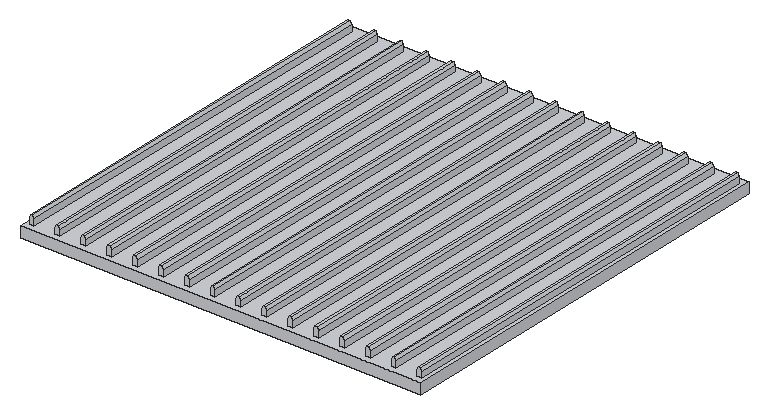
Revit family "STC_A3-Water-Tank-Plinth", category Structural Foundations, Revit 2016
Family settings
  Material for Model Behavior = Other
  Cap = No
  Work Plane-Based = No
  Always vertical = Yes
  Cut with Voids When Loaded = No
  Shared = No
Reference planes
  plane 1 "Center (Front/Back)": y = 0
  plane 2: z = 0
  plane 3 "back": y = -300
  plane 4: y = -300
  plane 5: y = -19000
Forms (mm)
  Extrusion 1, solid
    sketch origin (862.43, -905.106, 0) x (1, 0, 0) y (0, 1, 0)
      loop
        line (-862.43, 905.106) -> (-862.43, -18394.894) -> (18037.57, -18394.894) -> (18037.57, 905.106) -> (-862.43, 905.106)
    from 0 to -500
  Extrusion 2, solid
    sketch origin (920, -300, 0) x (0, 0, 1) y (1, 0, 0)
      loop
        line (430, 17730) -> (280, 17795) -> (0, 17795) -> (0, 17565) -> (280, 17565) -> (430, 17630) -> (430, 17730)
    from 0 to -18700
  Extrusion 3, solid
    sketch origin (-300, -300, 0) x (0, 0, 1) y (1, 0, 0)
      loop
        line (430, 17730) -> (280, 17795) -> (0, 17795) -> (0, 17565) -> (280, 17565) -> (430, 17630) -> (430, 17730)
    from 0 to -18700
  Extrusion 4, solid
    sketch origin (-1520, -300, 0) x (0, 0, 1) y (1, 0, 0)
      loop
        line (430, 17730) -> (280, 17795) -> (0, 17795) -> (0, 17565) -> (280, 17565) -> (430, 17630) -> (430, 17730)
    from 0 to -18700
  Extrusion 5, solid
    sketch origin (-2740, -300, 0) x (0, 0, 1) y (1, 0, 0)
      loop
        line (430, 17730) -> (280, 17795) -> (0, 17795) -> (0, 17565) -> (280, 17565) -> (430, 17630) -> (430, 17730)
    from 0 to -18700
  Extrusion 6, solid
    sketch origin (-3960, -300, 0) x (0, 0, 1) y (1, 0, 0)
      loop
        line (430, 17730) -> (280, 17795) -> (0, 17795) -> (0, 17565) -> (280, 17565) -> (430, 17630) -> (430, 17730)
    from 0 to -18700
  Extrusion 7, solid
    sketch origin (-5180, -300, 0) x (0, 0, 1) y (1, 0, 0)
      loop
        line (430, 17730) -> (280, 17795) -> (0, 17795) -> (0, 17565) -> (280, 17565) -> (430, 17630) -> (430, 17730)
    from 0 to -18700
  Extrusion 8, solid
    sketch origin (-6400, -300, 0) x (0, 0, 1) y (1, 0, 0)
      loop
        line (430, 17730) -> (280, 17795) -> (0, 17795) -> (0, 17565) -> (280, 17565) -> (430, 17630) -> (430, 17730)
    from 0 to -18700
  Extrusion 9, solid
    sketch origin (-7620, -300, 0) x (0, 0, 1) y (1, 0, 0)
      loop
        line (430, 17730) -> (280, 17795) -> (0, 17795) -> (0, 17565) -> (280, 17565) -> (430, 17630) -> (430, 17730)
    from 0 to -18700
  Extrusion 10, solid
    sketch origin (-8840, -300, 0) x (0, 0, 1) y (1, 0, 0)
      loop
        line (430, 17730) -> (280, 17795) -> (0, 17795) -> (0, 17565) -> (280, 17565) -> (430, 17630) -> (430, 17730)
    from 0 to -18700
  Extrusion 11, solid
    sketch origin (-10060, -300, 0) x (0, 0, 1) y (1, 0, 0)
      loop
        line (430, 17730) -> (280, 17795) -> (0, 17795) -> (0, 17565) -> (280, 17565) -> (430, 17630) -> (430, 17730)
    from 0 to -18700
  Extrusion 12, solid
    sketch origin (-11280, -300, 0) x (0, 0, 1) y (1, 0, 0)
      loop
        line (430, 17730) -> (280, 17795) -> (0, 17795) -> (0, 17565) -> (280, 17565) -> (430, 17630) -> (430, 17730)
    from 0 to -18700
  Extrusion 13, solid
    sketch origin (-12500, -300, 0) x (0, 0, 1) y (1, 0, 0)
      loop
        line (430, 17730) -> (280, 17795) -> (0, 17795) -> (0, 17565) -> (280, 17565) -> (430, 17630) -> (430, 17730)
    from 0 to -18700
  Extrusion 14, solid
    sketch origin (-13720, -300, 0) x (0, 0, 1) y (1, 0, 0)
      loop
        line (430, 17730) -> (280, 17795) -> (0, 17795) -> (0, 17565) -> (280, 17565) -> (430, 17630) -> (430, 17730)
    from 0 to -18700
  Extrusion 15, solid
    sketch origin (-14940, -300, 0) x (0, 0, 1) y (1, 0, 0)
      loop
        line (430, 17730) -> (280, 17795) -> (0, 17795) -> (0, 17565) -> (280, 17565) -> (430, 17630) -> (430, 17730)
    from 0 to -18700
  Extrusion 16, solid
    sketch origin (-16160, -300, 0) x (0, 0, 1) y (1, 0, 0)
      loop
        line (430, 17730) -> (280, 17795) -> (0, 17795) -> (0, 17565) -> (280, 17565) -> (430, 17630) -> (430, 17730)
    from 0 to -18700
  Extrusion 17, solid
    sketch origin (-17380, -300, 0) x (0, 0, 1) y (1, 0, 0)
      loop
        line (430, 17730) -> (280, 17795) -> (0, 17795) -> (0, 17565) -> (280, 17565) -> (430, 17630) -> (430, 17730)
    from 0 to -18700
